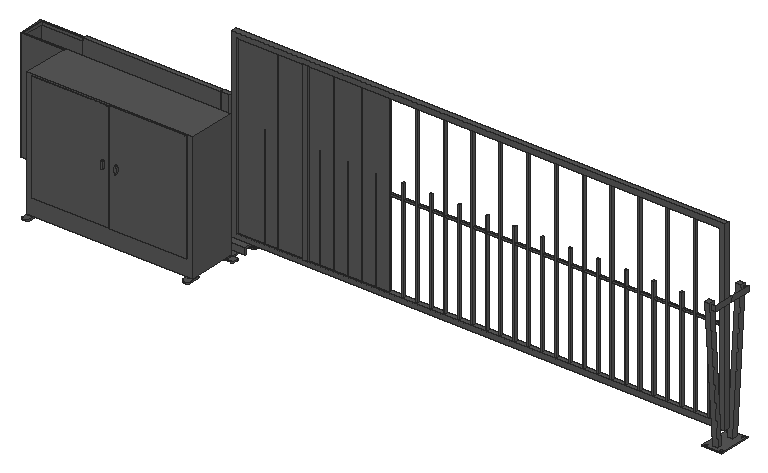
Revit family "11Construction_Fences-&-Traffic-Security_AutoGate_Islander-Pivot-Gates", category Specialty Equipment, Revit 2023 (continued)
Definition of nested family "Gate Operator"
  Dimensions and locks (in)
    aligned and locked: plane 10 to Extrusion 14
    aligned and locked: plane 8 to Masking region 7 sketch curve
    aligned and locked: plane 5 to Masking region 7 sketch curve
    aligned and locked: plane 5 to Extrusion 12 sketch curve  (x2)
    aligned and locked: Extrusion 15 to plane 11
    aligned and locked: plane 10 to Extrusion 15
    aligned and locked: plane 5 to Extrusion 13 sketch curve  (x2)
    aligned and locked: Extrusion 13 to plane 6
    aligned and locked: plane 10 to Extrusion 13
    aligned and locked: plane 5 to Masking region 5 sketch curve
    aligned and locked: Masking region 5 sketch curve to plane 5
    aligned and locked: Extrusion 11 sketch curve to plane 5  (x2)
    aligned and locked: Extrusion 12 sketch curve to plane 8
    aligned and locked: Extrusion 13 sketch curve to plane 8
    aligned and locked: Extrusion 16 sketch curve to plane 8
    aligned and locked: Extrusion 15 sketch curve to plane 8
  Automatic sketch dimensions
    plane 5 to Extrusion 1 sketch curve = 0.000"
    Extrusion 1 sketch curve to plane 3 "Center (Left/Right)" = 0.000"
    Extrusion 1 sketch curve to plane 6 = 0.000"
    level to Extrusion 1 sketch curve = 0.73989"
    plane 6 to Extrusion 2 sketch curve = 0.3625"  (x2)
    Extrusion 2 sketch curve to plane 5 = 2.17475"
    Extrusion 2 sketch curve to plane 10 = 0.3875"  (x2)
    Extrusion 2 sketch curve to Extrusion 2 sketch curve = 31.175"
    Extrusion 2 sketch curve to Extrusion 2 sketch curve = 0.4005"
    Extrusion 2 sketch curve to plane 3 "Center (Left/Right)" = 2.24975"
    Extrusion 3 sketch curve to Extrusion 2 = 7.64262"
    Extrusion 3 sketch curve to Extrusion 2 = 2.56264"
    Extrusion 3 sketch curve to Extrusion 3 sketch curve = 0.0015"
    Extrusion 3 sketch curve to Extrusion 3 sketch curve = 0.44195"
    Extrusion 3 sketch curve to Extrusion 2 = 1.75907"
    Extrusion 3 sketch curve to Extrusion 3 sketch curve = 0.80123"
    Extrusion 3 sketch curve to Extrusion 3 sketch curve = 0.80273"
    Extrusion 3 sketch curve to Extrusion 3 sketch curve = 4.72071"
    Extrusion 3 sketch curve to Extrusion 2 = 21.08697"
    Extrusion 3 sketch curve to Extrusion 3 sketch curve = 0.000"
    Extrusion 3 sketch curve to Extrusion 3 sketch curve = 1.22848"  (x2)
    Extrusion 3 sketch curve to Extrusion 3 sketch curve = 1.23435"  (x2)
    Extrusion 3 sketch curve to Extrusion 3 sketch curve = 1.2244"
    Extrusion 3 sketch curve to Extrusion 3 sketch curve = 1.21852"
    Extrusion 3 sketch curve to Extrusion 3 sketch curve = 0.31522"  (x4)
    Extrusion 3 sketch curve to Extrusion 3 sketch curve = 0.31672"  (x4)
    Extrusion 4 sketch curve to plane 4 = 0.09995"  (x2)
    plane 5 to Extrusion 4 sketch curve = 0.450"  (x2)
    Extrusion 4 sketch curve to plane 5 = 0.04995"  (x2)
    Extrusion 4 sketch curve to plane 5 = 0.050"
    Extrusion 4 sketch curve to plane 5 = 0.550"
    Extrusion 4 sketch curve to Extrusion 4 sketch curve = 1.000"  (x5)
    Extrusion 4 sketch curve to Extrusion 4 sketch curve = 2.000"
    Extrusion 4 sketch curve to Extrusion 4 sketch curve = 2.00005"  (x2)
    Extrusion 4 sketch curve to Extrusion 4 sketch curve = 0.500"  (x2)
    Extrusion 4 sketch curve to plane 4 = 0.100"
    Extrusion 4 sketch curve to plane 3 "Center (Left/Right)" = 2.625"  (x2)
    plane 4 to Extrusion 4 sketch curve = 0.400"
    Extrusion 4 sketch curve to Extrusion 4 sketch curve = 0.49995"
    Extrusion 4 sketch curve to plane 3 "Center (Left/Right)" = 0.625"
    Extrusion 4 sketch curve to plane 3 "Center (Left/Right)" = 0.125"
    plane 3 "Center (Left/Right)" to Extrusion 4 sketch curve = 0.375"  (x2)
    Extrusion 4 sketch curve to Extrusion 4 sketch curve = 0.125"  (x2)
    Extrusion 4 sketch curve to Extrusion 4 sketch curve = 1.375"  (x2)
    Extrusion 4 sketch curve to plane 4 = 0.600"
    Extrusion 4 sketch curve to Extrusion 4 sketch curve = 0.000"  (x2)
    Extrusion 4 sketch curve to Extrusion 4 sketch curve = 7.750"
    Extrusion 4 sketch curve to Extrusion 4 sketch curve = 13.000"
    Extrusion 4 sketch curve to plane 1 "Center (Front/Back)" = 2.900"  (x2)
    plane 1 "Center (Front/Back)" to Extrusion 4 sketch curve = 1.600"  (x2)
    Extrusion 5 sketch curve to plane 5 = 0.050"  (x2)
    Extrusion 5 sketch curve to Extrusion 5 sketch curve = 0.125"  (x10)
    Extrusion 5 sketch curve to Extrusion 5 sketch curve = 1.810"  (x7)
    Extrusion 5 sketch curve to plane 1 "Center (Front/Back)" = 0.495"
    Extrusion 5 sketch curve to Extrusion 5 sketch curve = 0.000"
    Extrusion 5 sketch curve to plane 3 "Center (Left/Right)" = 2.155"  (x2)
    Extrusion 5 sketch curve to plane 3 "Center (Left/Right)" = 0.220"  (x4)
    Extrusion 5 sketch curve to plane 3 "Center (Left/Right)" = 0.095"  (x2)
    Extrusion 5 sketch curve to plane 1 "Center (Front/Back)" = 0.370"
    Extrusion 5 sketch curve to plane 4 = 13.130"  (x2)
    Extrusion 6 sketch curve to plane 5 = 0.020"
    Extrusion 6 sketch curve to plane 3 "Center (Left/Right)" = 0.095"
    Extrusion 6 sketch curve to plane 4 = 2.130"
    Extrusion 6 sketch curve to plane 4 = 0.070"
    Extrusion 7 sketch curve to plane 5 = 0.020"
    Extrusion 7 sketch curve to Extrusion 7 sketch curve = 2.060"
    Extrusion 7 sketch curve to plane 3 "Center (Left/Right)" = 2.155"
    Extrusion 7 sketch curve to plane 3 "Center (Left/Right)" = 0.095"
    Extrusion 7 sketch curve to plane 4 = 2.130"  (x2)
    Extrusion 7 sketch curve to plane 4 = 0.070"  (x2)
    plane 10 to Extrusion 8 sketch curve = 2.66589"
    Extrusion 8 sketch curve to plane 4 = 9.630"
    Extrusion 8 sketch curve to Extrusion 8 sketch curve = 0.0625"  (x2)
    Extrusion 8 sketch curve to Extrusion 8 sketch curve = 0.250"  (x4)
    plane 10 to Extrusion 8 sketch curve = 3.22839"
    Extrusion 8 sketch curve to plane 4 = 4.1925"
    Extrusion 8 sketch curve to Extrusion 8 sketch curve = 1.6875"  (x2)
    Extrusion 9 sketch curve to plane 3 "Center (Left/Right)" = 7.000"
    Extrusion 9 sketch curve to Extrusion 9 sketch curve = 0.500"  (x3)
    Extrusion 9 sketch curve to Extrusion 9 sketch curve = 3.000"
    Extrusion 9 sketch curve to Extrusion 9 sketch curve = 0.000"
    Extrusion 9 sketch curve to plane 4 = 7.630"
    Extrusion 9 sketch curve to Extrusion 9 sketch curve = 1.000"
    Masking region 1 sketch curve to plane 5 = 0.000"
    plane 1 "Center (Front/Back)" to Masking region 1 sketch curve = 0.000"
    Masking region 1 sketch curve to plane 3 "Center (Left/Right)" = 0.000"
    Masking region 1 sketch curve to plane 5 = 0.020"
    plane 1 "Center (Front/Back)" to Masking region 1 sketch curve = 0.0433"  (x2)
    Masking region 1 sketch curve to plane 5 = 30.2876"
    Masking region 1 sketch curve to Masking region 1 sketch curve = 0.98864"  (x2)
    Masking region 1 sketch curve to Masking region 1 sketch curve = 4.5348"
    Masking region 1 sketch curve to plane 3 "Center (Left/Right)" = 7.000"
    Masking region 1 sketch curve to plane 3 "Center (Left/Right)" = 0.095"
    plane 3 "Center (Left/Right)" to Masking region 1 sketch curve = 4.500"
    Masking region 1 sketch curve to Masking region 1 sketch curve = 0.53784"  (x2)
    Masking region 1 sketch curve to plane 4 = 11.000"
    Masking region 1 sketch curve to Masking region 1 sketch curve = 1.370"
    Masking region 1 sketch curve to plane 4 = 3.630"
    Masking region 1 sketch curve to plane 4 = 2.130"
    Masking region 1 sketch curve to plane 4 = 0.070"
    plane 1 "Center (Front/Back)" to Masking region 2 sketch curve = 0.000"  (x2)
    Masking region 2 sketch curve to plane 5 = 0.000"  (x2)
    Masking region 2 sketch curve to plane 3 "Center (Left/Right)" = 0.000"
    plane 5 to Masking region 2 sketch curve = 0.450"  (x2)
    Masking region 2 sketch curve to plane 5 = 0.04995"  (x3)
    Masking region 2 sketch curve to plane 5 = 0.050"
    Masking region 2 sketch curve to plane 5 = 0.550"
    Masking region 2 sketch curve to Masking region 2 sketch curve = 1.000"  (x6)
    plane 4 to Masking region 2 sketch curve = 0.400"
    Masking region 2 sketch curve to Masking region 2 sketch curve = 2.00005"
    Masking region 2 sketch curve to Masking region 2 sketch curve = 0.62475"
    Masking region 2 sketch curve to plane 5 = 2.550"
    Masking region 2 sketch curve to plane 4 = 0.09995"  (x2)
    Masking region 2 sketch curve to Masking region 2 sketch curve = 0.500"  (x4)
    plane 1 "Center (Front/Back)" to Masking region 2 sketch curve = 0.0433"  (x2)
    Masking region 2 sketch curve to Masking region 2 sketch curve = 0.37525"  (x2)
    Masking region 2 sketch curve to plane 3 "Center (Left/Right)" = 7.000"
    Masking region 2 sketch curve to Masking region 2 sketch curve = 3.000"
    Masking region 2 sketch curve to Masking region 2 sketch curve = 0.000"  (x2)
    Masking region 2 sketch curve to plane 3 "Center (Left/Right)" = 2.625"  (x2)
    Masking region 2 sketch curve to Masking region 2 sketch curve = 0.875"
    Masking region 2 sketch curve to plane 4 = 0.070"
    Masking region 2 sketch curve to Masking region 2 sketch curve = 0.0009"
    Masking region 2 sketch curve to Masking region 2 sketch curve = 0.49905"
    Masking region 2 sketch curve to plane 3 "Center (Left/Right)" = 0.625"
    Masking region 2 sketch curve to plane 3 "Center (Left/Right)" = 0.125"
    Masking region 2 sketch curve to plane 3 "Center (Left/Right)" = 0.095"
    Masking region 2 sketch curve to plane 3 "Center (Left/Right)" = 0.075"
    plane 3 "Center (Left/Right)" to Masking region 2 sketch curve = 0.375"  (x3)
    Masking region 2 sketch curve to Masking region 2 sketch curve = 0.125"  (x2)
    plane 3 "Center (Left/Right)" to Masking region 2 sketch curve = 1.875"  (x2)
    Masking region 2 sketch curve to Masking region 2 sketch curve = 1.375"
    Masking region 2 sketch curve to Masking region 2 sketch curve = 1.5567"
    plane 1 "Center (Front/Back)" to Masking region 2 sketch curve = 1.600"
    Masking region 2 sketch curve to plane 1 "Center (Front/Back)" = 2.400"  (x2)
    Masking region 2 sketch curve to Masking region 2 sketch curve = 13.000"
    Masking region 2 sketch curve to Masking region 2 sketch curve = 13.49755"
    Masking region 2 sketch curve to Masking region 2 sketch curve = 2.10005"
    Masking region 2 sketch curve to Masking region 2 sketch curve = 0.525"
    Masking region 2 sketch curve to Masking region 2 sketch curve = 1.370"
    Masking region 2 sketch curve to Masking region 2 sketch curve = 2.000"  (x2)
    Masking region 2 sketch curve to Masking region 2 sketch curve = 0.905"
    Masking region 2 sketch curve to Masking region 2 sketch curve = 2.03005"
    Masking region 2 sketch curve to Masking region 2 sketch curve = 0.470"
    plane 1 "Center (Front/Back)" to Masking region 3 sketch curve = 0.000"  (x2)
    plane 1 "Center (Front/Back)" to Masking region 3 sketch curve = 0.0433"  (x2)
    Masking region 3 sketch curve to plane 5 = 2.17475"
    Masking region 3 sketch curve to Masking region 3 sketch curve = 31.175"
    Masking region 3 sketch curve to Masking region 3 sketch curve = 0.4005"
    Masking region 3 sketch curve to plane 3 "Center (Left/Right)" = 2.24975"
    plane 1 "Center (Front/Back)" to Extrusion 10 sketch curve = 0.000"
    Extrusion 10 sketch curve to plane 3 "Center (Left/Right)" = 0.000"
    Extrusion 10 sketch curve to plane 5 = 0.020"
    Extrusion 10 sketch curve to plane 4 = 0.070"
    plane 1 "Center (Front/Back)" to Masking region 4 sketch curve = 0.000"
    Masking region 4 sketch curve to plane 3 "Center (Left/Right)" = 0.000"
    Masking region 4 sketch curve to plane 5 = 0.020"
    Masking region 4 sketch curve to plane 4 = 0.070"
    Extrusion 14 sketch curve to plane 4 = 11.750"
    Extrusion 14 sketch curve to plane 4 = 1.380"
    Masking region 7 sketch curve to plane 1 "Center (Front/Back)" = 18.750"
    Masking region 7 sketch curve to Masking region 7 sketch curve = 10.370"
    Masking region 5 sketch curve to plane 13 = 6.51859"
    Masking region 5 sketch curve to Masking region 5 sketch curve = 1.78035"  (x2)
    Masking region 5 sketch curve to Masking region 5 sketch curve = 0.050"  (x2)
    Masking region 5 sketch curve to plane 4 = 0.42288"
    Extrusion 11 sketch curve to plane 13 = 6.51859"
    Extrusion 11 sketch curve to Extrusion 11 sketch curve = 1.78035"
    Extrusion 11 sketch curve to Extrusion 11 sketch curve = 0.050"  (x2)
    Extrusion 11 sketch curve to plane 4 = 2.25324"
    Extrusion 11 sketch curve to plane 4 = 0.42288"
    Extrusion 12 sketch curve to plane 13 = 5.185"
    Extrusion 12 sketch curve to Extrusion 12 sketch curve = 0.750"  (x2)
    Extrusion 12 sketch curve to plane 15 = 2.060"
    Extrusion 13 sketch curve to plane 7 = 1.200"
    Extrusion 13 sketch curve to plane 13 = 5.285"
    Extrusion 13 sketch curve to Extrusion 13 sketch curve = 0.100"  (x2)
    Extrusion 13 sketch curve to plane 15 = 1.310"
    Extrusion 16 sketch curve to plane 5 = 0.000"  (x2)
    Extrusion 16 sketch curve to plane 13 = 5.185"
    Extrusion 16 sketch curve to Extrusion 16 sketch curve = 0.750"  (x2)
    Extrusion 16 sketch curve to plane 15 = 2.060"
    Extrusion 15 sketch curve to plane 5 = 0.000"  (x2)
    Extrusion 15 sketch curve to plane 13 = 5.185"
    Extrusion 15 sketch curve to Extrusion 15 sketch curve = 0.750"  (x2)
    Extrusion 15 sketch curve to plane 15 = 2.060"
    Masking region 6 sketch curve to plane 5 = 0.000"  (x2)
    Masking region 6 sketch curve to plane 13 = 5.285"
    Masking region 6 sketch curve to Masking region 6 sketch curve = 0.850"  (x2)
    Masking region 6 sketch curve to plane 15 = 2.060"
Definition of nested family "Poles"
  Parameters (values of type "Poles")
    Material = none
    Height 2 = if(Finials = 1, Height / 2 + 6.000", Height / 2)  # 37.500"
    Height = 63.000"
    Finials = 1
    Default Elevation = 0.000"
  Reference planes (in)
    plane 1 "Center (Front/Back)": y = 0
    plane 2: z = 0
    plane 3 "Center (Left/Right)": x = 0
    plane 4: z = 63
    plane 5: z = 37.5
  Forms (in)
    Extrusion 1, solid, material <- "Material", detail levels medium+fine
      sketch origin (0, 0, 0) x (1, 0, 0) y (0, 1, 0)
        loop
          line (0, 0.375) -> (0, -0.375) -> (0.75, -0.375) -> (0.75, 0.375) -> (0, 0.375)
      from 0 to 63
    Extrusion 2, solid, material <- "Material", detail levels medium+fine
      sketch origin (1, 0, 0) x (1, 0, 0) y (0, 1, 0)
        loop
          line (4.75, 0.375) -> (4.75, -0.375) -> (5.5, -0.375) -> (5.5, 0.375) -> (4.75, 0.375)
      from 0 to 37.5
  Dimensions and locks (in)
    "Height": plane 4 to plane 2
    "Height 2": plane 5 to plane 2
    aligned and locked: level to plane 2
    aligned and locked: plane 4 to Extrusion 1
    aligned and locked: Extrusion 1 to plane 2
    aligned and locked: Extrusion 2 to plane 2
    aligned and locked: Extrusion 1 to plane 4
    aligned and locked: plane 5 to Extrusion 2
  Automatic sketch dimensions
    Extrusion 1 sketch curve to plane 3 "Center (Left/Right)" = 0.000"
    Extrusion 1 sketch curve to Extrusion 1 sketch curve = 0.750"
    plane 1 "Center (Front/Back)" to Extrusion 1 sketch curve = 0.375"
    Extrusion 1 sketch curve to plane 1 "Center (Front/Back)" = 0.375"
    plane 1 "Center (Front/Back)" to Extrusion 2 sketch curve = 0.375"
    plane 3 "Center (Left/Right)" to Extrusion 2 sketch curve = 5.750"
    Extrusion 2 sketch curve to Extrusion 2 sketch curve = 0.750"
    Extrusion 2 sketch curve to plane 1 "Center (Front/Back)" = 0.375"
Types (3): name | z_Type Index | Model
  (no name) | 1 | "Islander - VPG with Finials"
  Islander VPG with Finials | 1 | "Islander - VPG with Finials"
  Islander VPG w/o Finials | 2 | "Islander - VPG w/o Finials"
